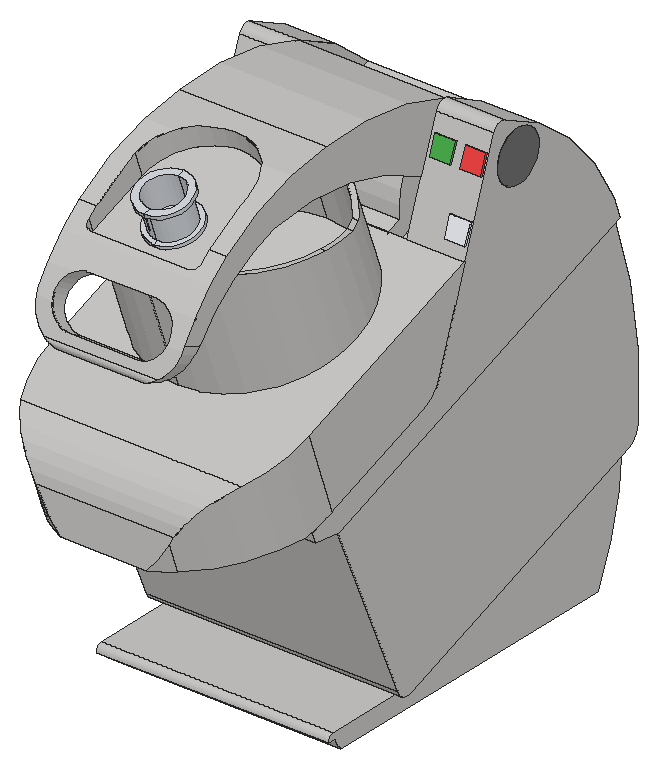
Revit family "QF_DITOSAMA_600424_DTRSYVV", category Specialty Equipment, Revit 2018
Family settings
  Round Connector Dimension = Use Diameter
  Part Type = Normal
  Work Plane-Based = No
  Always vertical = Yes
  Cut with Voids When Loaded = No
  Shared = No
  Room Calculation Point = No
Parameters (values of type "QF_DITO SAMA_600424_DTRSYVV")
  Weight = 21.40 kg
  Watts = 0 W
  Volts = 200 V
  URL Manufacturer = "http://www.ditosama.com"
  URL = "http://www.ditosama.com"
  Steam Supply Size = 0 mm
  Steam Supply Minimum Pressure = 0.0 Pa
  Steam Supply Maximum Pressure = 0.0 Pa
  Steam Pounds per Hour = 0
  Refrigeration Suction Line Size = 0 mm
  Refrigeration Liquid Line Size = 0 mm
  Refrigerant Compressor Remote = yes
  Manufacturer = "Dito Sama"
  Phase = 1
  Model = "DTRSYVV"
  Length Actual = 252 mm  # constant formula
  Item Number = "600424"
  Hot Water Size = 0 mm
  Height Actual = 515 mm  # constant formula
  HP = "0.7 HP"
  Gas Size = 0 mm
  Gas KW = 0
  Gas Input Pressure = 0 W
  Direct Waste Size = 0 mm
  Description = "VEGETABLE SLICER-VARIAB.SPEED-500W-220-240/1/50-60"
  Depth Actual = 500 mm  # constant formula
  Cycle = 60 Hz
  Condensate Return Size = 0 mm
  Compressed Air Volume = 0.0 L/s
  Compressed Air Size = 0 mm
  Compressed Air Pressure = 0.0 Pa
  Cold Water Size = 0 mm
  Accessory = yes
Reference planes
  plane 1 "Center (Front/Back)": y = 0
  plane 2: z = 0
  plane 3 "Center (Left/Right)": x = 0
  plane 4 "BASE": through (-1506.947, -1354.442, -482.669) normal (0, -0.342, 0.9397)
  plane 5 "TOP": z = 780
  plane 6 "FRONT": y = -250
  plane 7 "BACK": y = 250
  plane 8 "LEFT": x = -126
  plane 9 "RIGHT": x = 126
  plane 10 "BaseSup": through (4267.2, -355.454, 143.983) normal (0, -0.342, 0.9397)
  plane 11 "TopCylinder": z = 502
  plane 12 "panel": through (4267.2, 37.396, 376.789) normal (0, -0.9397, 0.342)
  plane 13 "TAN1": through (4267.2, -242.8, 386.84) normal (0, -0.868, 0.4965)
  plane 14 "cx": x = -4.392
Forms (mm)
  Extrusion 1, solid, material "QF_Finishes_Stainless Steel"
    sketch origin (0, 71.755, 29.173) x (0, 0.939693, 0.34202) y (0, -0.34202, 0.939693)
      loop
        line (194.125, 30) -> (-100, 30) -> (-172.671, 56.45)
        arc (-172.671, 56.45) -> (-177.706, 56.23) -> (-181.11, 52.515) r 6.584
        line (-181.11, 52.515) -> (-172.825, 49.499)
        arc (-172.825, 49.499) -> (-173.282, 42.917) -> (-170.601, 36.887) r 13.662
        line (-170.601, 36.887) -> (125.402, -70.849)
        arc (125.402, -70.849) -> (140.415, -55.659) -> (154.125, -39.282) r 258.806
        arc (154.125, -39.282) -> (176.416, -5.964) -> (194.125, 30) r 303.676
    from -114.1 to 114.1
  Extrusion 2, solid, material "QF_Finishes_Stainless Steel"
    sketch origin (0, 71.755, 29.173) x (0, 0.939693, 0.34202) y (0, -0.34202, 0.939693)
      loop
        arc (-117.754, 231.836) -> (-115.421, 136.806) -> (-106.378, 42.177) r 1344.145
        arc (-106.378, 42.177) -> (-102.811, 33.567) -> (-94.2, 30) r 12.177
        line (-94.2, 30) -> (191.415, 30)
        arc (191.415, 30) -> (200.799, 34.052) -> (207.001, 42.177) r 20.212
        arc (207.001, 42.177) -> (237.263, 134.79) -> (245.906, 231.836) r 430.148
        line (245.906, 231.836) -> (-117.754, 231.836)
    from -123.6 to 123.2
  Extrusion 3, solid, material "QF_Finishes_Stainless Steel"
    sketch origin (0, 71.755, 29.173) x (0, 0.939693, 0.34202) y (0, -0.34202, 0.939693)
      loop
        line (-117.754, 231.836) -> (250, 231.836) -> (250, 254)
        arc (250, 254) -> (225.127, 344.7) -> (167.861, 419.303) r 244.524
        arc (167.861, 419.303) -> (160.498, 421.774) -> (153.587, 418.23) r 10
        line (153.587, 418.23) -> (25.432, 265.5)
        arc (25.432, 265.5) -> (14.376, 257.016) -> (0.77, 254) r 32.194
        line (0.77, 254) -> (-142.678, 254) -> (-142.678, 244) -> (-117.754, 231.836)
    from -125 to 125
  Extrusion 4, void
    sketch origin (0, 71.755, 29.173) x (0, 0.939693, 0.34202) y (0, -0.34202, 0.939693)
      loop
        line (146.605, 338.403) -> (228.145, 338.403)
        arc (228.145, 338.403) -> (202.221, 381.996) -> (167.861, 419.303) r 244.524
        arc (167.861, 419.303) -> (160.498, 421.774) -> (153.587, 418.23) r 10
        line (153.587, 418.23) -> (72.34, 321.403) -> (146.605, 321.403) -> (146.605, 338.403)
    from -76.755 to 68.071
  Extrusion 5, solid, material "QF_Finishes_Stainless Steel"
    sketch origin (0, 71.755, 29.173) x (0, 0.939693, 0.34202) y (0, -0.34202, 0.939693)
      loop
        line (86.605, 338.403) -> (69.605, 321.403) -> (146.605, 321.403) -> (146.605, 338.403) -> (138.179, 338.403) -> (138.179, 369.367)
        arc (138.179, 369.367) -> (147.784, 373.474) -> (158.149, 372.174) r 19.987
        arc (158.149, 372.174) -> (156.791, 382.001) -> (162.888, 389.826) r 12.748
        arc (162.888, 389.826) -> (123.302, 374.774) -> (101.605, 338.403) r 64.447
        line (101.605, 338.403) -> (86.605, 338.403)
    from -65 to 50
  Extrusion 6, solid, material "QF_Finishes_Stainless Steel"
    sketch origin (539, 71.755, 29.173) x (0, -0.939693, -0.34202) y (0, -0.34202, 0.939693)
      loop
        circle (-169.102, 378.696) r 12.748
    from 489 to 604
  Extrusion 7, solid, material "QF_Finishes_Rubber Black"
    sketch origin (0, 71.755, 29.173) x (0, 0.939693, 0.34202) y (0, -0.34202, 0.939693)
      loop
        circle (169.102, 378.696) r 25
    from 125 to 126.6
  Extrusion 8, solid, material "QF_Finishes_Green"
    sketch origin (-10, -113.728, -38.42) x (0, -0.34202, -0.939693) y (1, 0, 0)
      loop
        line (-529.862, 82.865) -> (-509.862, 82.865) -> (-509.862, 102.865) -> (-529.862, 102.865) -> (-529.862, 82.865)
    from 0 to 1.6
  Extrusion 9, solid, material "QF_Finishes_Red"
    sketch origin (20, -113.728, -38.42) x (0, -0.34202, -0.939693) y (1, 0, 0)
      loop
        line (-529.862, 82.865) -> (-509.862, 82.865) -> (-509.862, 102.865) -> (-529.862, 102.865) -> (-529.862, 82.865)
    from 0 to 1.6
  Extrusion 10, solid, material "QF_Finishes_White"
    sketch origin (19.976, -149.421, -75.636) x (0, -0.34202, -0.939693) y (1, 0, 0)
      loop
        line (-521.192, 82.865) -> (-501.192, 82.865) -> (-501.192, 102.865) -> (-521.192, 102.865) -> (-521.192, 82.865)
    from 0 to 1.6
  Extrusion 11, solid, material "QF_Finishes_Rubber Black"
    sketch origin (-20, -306.935, 99.376) x (0, -1, 0) y (1, 0, 0)
      loop
        circle (-230.144, 103.748) r 10
      loop
        circle (-230.144, -61.252) r 10
    from 9.274 to 3.787
  Extrusion 12, void
    sketch origin (-20.94, 306.731, 139.428) x (-1, 0, 0) y (0, -0.34202, 0.939693)
      loop
        circle (-20.94, 196.093) r 10
    from -1.916 to -26.433
  Extrusion 13, solid, material "QF_Finishes_Stainless Steel"
    sketch origin (-20.94, 306.678, 139.573) x (-1, 0, 0) y (0, -0.34202, 0.939693)
      loop
        circle (-20.94, 195.939) r 9.999
    from -8.514 to -26.433
  Extrusion 14, solid, material "QF_Finishes_Stainless Steel"
    sketch origin (0, -15.119, 267.855) x (0, -0.939693, -0.34202) y (1, 0, 0)
      loop
        line (-86.605, -125) -> (117.754, -125)
        arc (117.754, -125) -> (182.577, -108.838) -> (232.224, -64.135) r 138.076
        arc (232.224, -64.135) -> (246.337, -33.516) -> (250, 0) r 104.824
        arc (250, 0) -> (246.337, 33.516) -> (232.224, 64.135) r 104.824
        arc (232.224, 64.135) -> (182.577, 108.838) -> (117.754, 125) r 138.076
        line (117.754, 125) -> (-86.605, 125) -> (-86.605, -125)
    from 0 to 84.403
  Extrusion 15, void
    sketch origin (0, 71.755, 29.173) x (0, 0.939693, 0.34202) y (0, -0.34202, 0.939693)
      loop
        line (-148.177, 254) -> (-243.49, 272.527) -> (-229.509, 307.133)
        arc (-229.509, 307.133) -> (-211.109, 329.855) -> (-183.149, 338.403) r 50
        line (-183.149, 338.403) -> (-263.395, 338.403) -> (-263.395, 254) -> (-148.177, 254)
      loop
        line (86.605, 338.403) -> (25.432, 265.5)
        arc (25.432, 265.5) -> (14.376, 257.016) -> (0.77, 254) r 32.194
        line (0.77, 254) -> (86.605, 254) -> (86.605, 338.403)
    from -156.555 to 144.79
  Extrusion 16, solid, material "QF_Finishes_Rubber Black"
    sketch origin (-20, -28.598, 99.376) x (0, -1, 0) y (1, 0, 0)
      loop
        circle (-230.144, 103.748) r 10
      loop
        circle (-230.144, -61.252) r 10
    from 9.274 to 3.787
  Extrusion 17, solid, material "QF_Finishes_Stainless Steel"
    sketch origin (0, 0, 0) x (0, 1, 0) y (0, 0, 1)
      loop
        arc (-237.987, 360.286) -> (-193.334, 422.101) -> (-125.907, 457.716) r 167.502
        arc (-125.907, 457.716) -> (-32.614, 457.202) -> (54.785, 424.565) r 266.494
        line (54.785, 424.565) -> (73.036, 474.711)
        arc (73.036, 474.711) -> (77.269, 479.853) -> (83.792, 481.198) r 10
        arc (83.792, 481.198) -> (12.917, 500.705) -> (-60.594, 500.999) r 278.64
        arc (-60.594, 500.999) -> (-125.023, 488.463) -> (-183.511, 458.675) r 236.13
        arc (-183.511, 458.675) -> (-222.818, 420.732) -> (-248.457, 372.49) r 174.407
        arc (-248.457, 372.49) -> (-249.83, 368.135) -> (-247.05, 364.513) r 4.945
        line (-247.05, 364.513) -> (-237.987, 360.286)
    from -76.755 to 68.071
  Extrusion 18, void
    sketch origin (0, -252.846, 369.279) x (0, -0.496521, -0.868025) y (1, 0, 0)
      loop
        line (-13.723, -36.755) -> (-13.723, 28.071)
        arc (-13.723, 28.071) -> (-38.723, 53.071) -> (-63.723, 28.071) r 25
        line (-63.723, 28.071) -> (-63.723, -36.755)
        arc (-63.723, -36.755) -> (-38.723, -61.755) -> (-13.723, -36.755) r 25
    from -148.493 to 7.125
  Extrusion 19, void
    sketch origin (0, -88.076, 32.057) x (0, -0.34202, -0.939693) y (1, 0, 0)
      loop
        line (-257.162, 68.071) -> (-297.162, 68.071)
        arc (-297.162, 68.071) -> (-268.878, 56.356) -> (-257.162, 28.071) r 40
        line (-257.162, 28.071) -> (-257.162, 68.071)
      loop
        line (-257.162, -76.755) -> (-257.162, -36.755)
        arc (-257.162, -36.755) -> (-268.878, -65.039) -> (-297.162, -76.755) r 40
        line (-297.162, -76.755) -> (-257.162, -76.755)
    from 233.374 to 280.473
  Extrusion 20, void
    sketch origin (0, -73.76, 246.511) x (0, -0.939693, -0.34202) y (1, 0, 0)
      loop
        spline (50.415, 43.499) -> (50.302, 44.538) -> (50.07, 45.551) -> (49.722, 46.523) -> (49.265, 47.436) -> (48.705, 48.278) -> (48.053, 49.034) -> (47.317, 49.692) -> (46.511, 50.241) -> (45.647, 50.674) -> (44.738, 50.981) -> (43.801, 51.16) -> (42.848, 51.221)
        line (42.848, 51.221) -> (-21.826, 51.221)
        arc (-21.826, 51.221) -> (-77.476, -4.429) -> (-21.826, -60.078) r 55.65
        line (-21.826, -60.078) -> (42.849, -60.064)
        spline (42.849, -60.064) -> (43.796, -60.017) -> (44.73, -59.836) -> (45.637, -59.525) -> (46.5, -59.088) -> (47.306, -58.532) -> (48.042, -57.867) -> (48.695, -57.103) -> (49.256, -56.253) -> (49.715, -55.331) -> (50.065, -54.351) -> (50.3, -53.329) -> (50.415, -52.283)
        line (50.415, -52.283) -> (50.415, 43.499)
    from 219.928 to 259.975
  Extrusion 21, void
    sketch origin (0, -87.856, 241.381) x (0, -0.939693, -0.34202) y (1, 0, 0)
      loop
        circle (-4.976, -4.429) r 22.5
    from 184.171 to 259.975
  Extrusion 22, solid, material "QF_Finishes_Stainless Steel"
    sketch origin (0, -57.13, 252.564) x (0, -0.939693, -0.34202) y (1, 0, 0)
      loop
        circle (-27.476, -4.429) r 100
      loop
        circle (-27.476, -4.429) r 95
    from 84.403 to 219.928
  Extrusion 23, void
    sketch origin (539, 0, 0) x (0, -1, 0) y (0, 0, 1)
      loop
        line (-7.229, 448.453) -> (38.883, 431.669) -> (53.883, 431.669) -> (97.232, 435.738) -> (172.232, 435.738) -> (200.5, 434.424) -> (12.562, 502.828) -> (-7.229, 448.453)
    from 424.9 to 664
  Revolve 24, solid
    sketch origin (-4.392, 0, 0) x (0, 1, 0) y (0, 0, 1)
      loop
        line (-159.523, 452.833) -> (-177.266, 446.376) -> (-188.766, 477.973) -> (-195.199, 475.631) -> (-193.959, 472.225) -> (-189.261, 473.935) -> (-179, 445.744) -> (-183.698, 444.034) -> (-182.575, 440.948) -> (-179.543, 442.052) -> (-133.191, 314.7) -> (-112.048, 322.396) -> (-159.523, 452.833)
      axis (-112.048, 322.396) -> (-171.023, 484.431)
    angle from 0 to 360
  Extrusion 25, solid, material "QF_Door-Drawer Clearances", detail levels coarse
    sketch origin (0, -259.129, 728.467) x (0, -0.462376, -0.886684) y (0, 0.886684, -0.462376)
      loop
        arc (-237.987, 360.286) -> (-193.334, 422.101) -> (-125.907, 457.716) r 167.502
        arc (-125.907, 457.716) -> (-32.614, 457.202) -> (54.785, 424.565) r 266.494
        line (54.785, 424.565) -> (59.562, 427.056)
        arc (59.562, 427.056) -> (59.025, 458.234) -> (62.46, 489.226) r 244.524
        arc (62.46, 489.226) -> (1.594, 502.023) -> (-60.594, 500.999) r 278.64
        arc (-60.594, 500.999) -> (-125.023, 488.463) -> (-183.511, 458.675) r 236.13
        arc (-183.511, 458.675) -> (-222.818, 420.732) -> (-248.457, 372.49) r 174.407
        arc (-248.457, 372.49) -> (-249.83, 368.135) -> (-247.05, 364.513) r 4.945
        line (-247.05, 364.513) -> (-237.987, 360.286)
    from -76.755 to 68.071
  Extrusion 26, solid, material "QF_Door-Drawer Clearances", detail levels coarse
    sketch origin (-4.392, 0, 0) x (0, 1, 0) y (0, 0, 1)
      loop
        arc (180.062, 780.324) -> (-149.234, 694.151) -> (-249.905, 368.994) r 350.321
        line (-249.905, 368.994) -> (-246.546, 377.767)
        arc (-246.546, 377.767) -> (-144.345, 691.9) -> (174.993, 776.44) r 345.321
        line (174.993, 776.44) -> (180.062, 780.324)
    from -60 to 60
Cuts and joins
  Extrusion 4, Extrusion 19, Extrusion 20, Extrusion 21 cuts Extrusion 3
  Extrusion 15, Extrusion 19, Extrusion 20, Extrusion 21 cuts Extrusion 14
  Extrusion 18, Extrusion 19, Extrusion 20, Extrusion 21 cuts Extrusion 17
  Extrusion 12, Extrusion 20, Extrusion 21 cuts Extrusion 2
  Extrusion 23 cuts Extrusion 22
Lines and regions (mm)
  model lines
    curve 1: line (-65, 80.335, 302.597) -> (50, 80.335, 302.597)
    curve 2: line (-65, 83.13, 303.615) -> (50, 83.13, 303.615)
Dimensions and locks
  plane 5 "TOP" to level = 780 mm
  plane 8 "LEFT" to plane 3 "Center (Left/Right)" to plane 9 "RIGHT" = 126 mm, 126 mm
  plane 7 "BACK" to plane 1 "Center (Front/Back)" to plane 6 "FRONT" = 250 mm, 250 mm
  plane 5 "TOP" to plane 2 = 780 mm
  plane 5 "TOP" to plane 11 "TopCylinder" = 278 mm
  plane 6 "FRONT" to plane 7 "BACK" = 500 mm
  plane 7 "BACK" to plane 6 "FRONT" = 500 mm
  plane 11 "TopCylinder" to level = 502 mm
  aligned and locked: level to plane 2
Connectors
  electrical at (0, 231.662, 320.783), driven by "Volts"
    settings: on Extrusion 13, index 1, voltage 200 V, apparent load 0 VA, apparent load phase1 0 VA, apparent load phase2 0 VA, apparent load phase3 0 VA, power factor 1, load classification "Other", number of poles 1, system type 30, power factor state 1, is connector primary yes, connector utility no, sub classification motor no, connector description "Electrical Connection"
